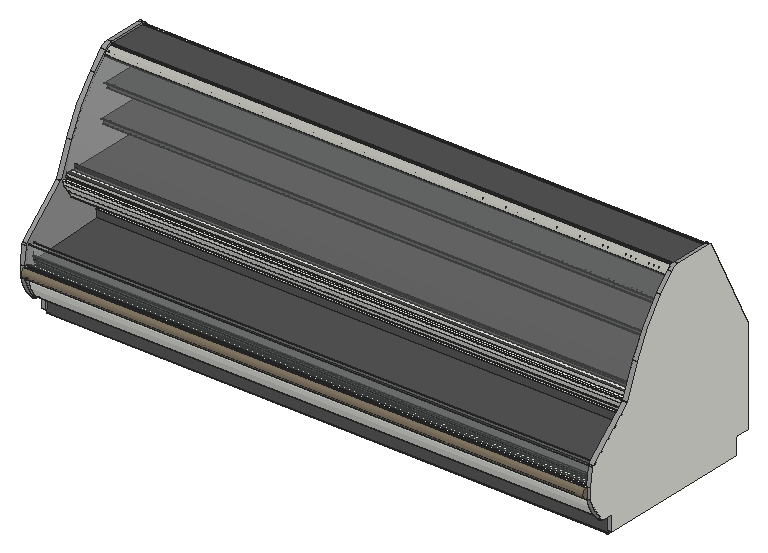
Revit family "CR3HV-ND_2014", category Specialty Equipment, Revit 2014
Parameters (values of type "12'-0" Length")
  Width = 144"
  Waste Drain = 1 1/2"  # constant formula
  Upper Drain = if(Width = 48", 32", if(Width = 60", 44", if(Width = 72", 44", if(Width = 96", 56", if(Width = 120", 56", if(Width = 144", 77", 0"))))))  # 77"
  URL = "www.hussmann.com"
  Type Comments = "Chino"  # constant formula
  Trim = Stainless Steel
  Total Weight = Case Weight + (2 * End Weight)  # 0.00 lbf
  Splashguard = Textured Sheet Metal (Steel Painted) - 701 Black
  Side Panel - Right [instance] = yes
  Side Panel - Left [instance] = yes
  Shelves = Sheet Metal (Steel Painted) - 701 Black
  Revit Family Date = "09/15/2016"  # constant formula
  Refrigeration Lines Suction = 5/8"  # constant formula
  Refrigeration Lines Liquid = 3/8"  # constant formula
  Refrig. Suction = "Suction"
  Refrig. Liquid = "Liquid"
  Number of Supports = if(Width < 70", 2, if(Width < 140", 3, 4))  # 4
  Note from Manufacturer = "This model only comes in 4'-0\", 5'-0\", 6'-0\", 8'-0\", 10'-0\" and 12'-0\" lengths."
  Model URL = "http://www.hussmann.com/en/product%20viewer/display-cases/R3HV-WD,%20CR3HV-WD,%20R3HV-ND,%20CR3HV-ND"
  Model = "CR3HV-ND"  # constant formula
  Manufacturer Disclaimer = "The information in this file is not intended to be an exact representation of the corresponding Hussmann product.  Further, we reserve the right to change or revise specifications and product design in connection with any feature of our products. Such changes do not entitle the buyer to corresponding changes, improvements, additions, or replacements for equipment previously sold or shipped."  # constant formula
  Manufacturer = "Hussmann Corporation"  # constant formula
  Lower Drain = if(Width = 48", 7", if(Width = 60", 41", if(Width = 72", 41", if(Width = 96", 53", if(Width = 120", 53", if(Width = 144", 65", 0"))))))  # 65"
  Height = 53 3/8"  # constant formula
  Glazing = Glass
  Ends = Textured Sheet Metal (Steel Painted) - 149 White Satin Matte
  End Weight = 0.00 lbf  # constant formula
  Door Frame = Plastic - 144 Mist Gray
  Description = "3 Zone – High Volume Service Deli Top, Multi-Deck, Self-Service Front Merchandiser with Refrigerated or Dry Rear Storage in a Narrow Footprint - Curved Glass"  # constant formula
  Depth = 50 1/8"  # constant formula
  Cutsheet URL = "http://www.hussmann.com/en/Technical%20Documents/R3HV-ND,%20CR3HV-ND,%20R3HV-NB,%20CR3HV-NB_ds_En.pdf"
  Case Weight = if(Width = 48", 0.00 lbf, if(Width = 60", 0.00 lbf, if(Width = 72", 0.00 lbf, if(Width = 96", 0.00 lbf, if(Width = 120", 0.00 lbf, if(Width = 144", 0.00 lbf, 0.00 lbf))))))  # 0.00 lbf
  Case Interior - Side Panel = Stainless Steel
  Case Interior - Back Panel = Stainless Steel
  Case = Textured Sheet Metal (Steel Painted) - 149 White Satin Matte
  Bumper = Extruded PVC - 747 Chocolate Brown
  Assembly Code = ""
  Accessories/Options = ""
  8 Case = Width = 96"  # no
  6 Case = Width = 72"  # no
  5 Case = Width = 60"  # no
  4 Case = Width = 48"  # no
  12 Case = Width = 144"  # yes
  10 Case = Width = 120"  # no
Reference planes (in)
  plane 1 "Back": y = 0
  plane 2 "Bottom": z = 0
  plane 3 "Left": x = -77.30699
  plane 4 "Center (Left/Right)": x = -5.30699
  plane 5: x = -78.43199
  plane 6 "Right": x = 66.69301
  plane 7: x = 67.81801
  plane 8: z = 53.375
  plane 9: y = -50.125
Forms (in)
  Extrusion 1, solid, material "Metal - Copper"
    sketch origin (63.0625, 1.04319, 0) x (1, 0, 0) y (0, 1, 0)
      loop
        arc (-76.49449, -38.91819) -> (-77.02482, -39.13786) -> (-77.24449, -39.66819) r 0.75
        arc (-77.24449, -39.66819) -> (-77.02482, -40.19852) -> (-76.49449, -40.41819) r 0.75
        arc (-76.49449, -40.41819) -> (-75.96416, -40.19852) -> (-75.74449, -39.66819) r 0.75
        arc (-75.74449, -39.66819) -> (-75.96416, -39.13786) -> (-76.49449, -38.91819) r 0.75
      loop
        circle (-76.49449, -39.66819) r 0.7102
    from 5.675 to 0
  Extrusion 2, solid, material "Metal - Copper"
    sketch origin (57.40105, 5, -0.375) x (1, 0, 0) y (0, 1, 0)
      loop
        circle (2.97946, -41.875) r 0.28859
      loop
        circle (2.97946, -41.875) r 0.3125
    from 6.05 to 0.375
  Extrusion 3, solid, material "Metal - Copper"
    sketch origin (59.82608, 5, -0.375) x (1, 0, 0) y (0, 1, 0)
      loop
        circle (1.05443, -41.875) r 0.17188
      loop
        circle (1.05443, -41.875) r 0.1875
    from 6.05 to 0.375
  Extrusion 4, solid, material "Textured Sheet Metal (Steel Painted) - 149 White Satin Matte" <- "Case"
    sketch origin (-5.30699, 0, 0) x (0, 1, 0) y (0, 0, 1)
      loop
        line (-27.1826, 17.87731) -> (-27.31642, 17.17228)
        arc (-27.31642, 17.17228) -> (-27.26191, 17.09584) -> (-27.18789, 17.1536) r 0.065
        line (-27.18789, 17.1536) -> (-27.14578, 17.56887) -> (-27.14578, 18.27754) -> (-27.029, 18.27754) -> (-27.029, 21.93829) -> (-24.5475, 21.93829) -> (-24.5475, 10.90154) -> (-25.374, 10.90154) -> (-25.374, 10.70195) -> (-24.56669, 10.70195) -> (-24.56669, 8.05985) -> (-25.32904, 7.2975) -> (-46.22715, 7.2975) -> (-46.22715, 12.60251) -> (-45.00115, 12.60251) -> (-45.00115, 12.36944) -> (-45.07987, 12.07564) -> (-45.01999, 12.0596) -> (-44.93915, 12.36127) -> (-44.93915, 12.583) -> (-44.87715, 12.583) -> (-44.87715, 12.928)
        arc (-44.87715, 12.928) -> (-44.9041, 12.99306) -> (-44.96915, 13.02) r 0.092
        line (-44.96915, 13.02) -> (-45.31415, 13.02) -> (-45.31415, 13.61641)
        arc (-45.31415, 13.61641) -> (-45.3411, 13.68146) -> (-45.40615, 13.70841) r 0.092
        line (-45.40615, 13.70841) -> (-46.34815, 13.70841)
        arc (-46.34815, 13.70841) -> (-46.41321, 13.68146) -> (-46.44015, 13.61641) r 0.092
        line (-46.44015, 13.61641) -> (-46.44015, 13.02) -> (-47.00604, 13.02) -> (-47.00604, 12.9154) -> (-48.26443, 12.9154) -> (-48.62803, 13.27901) -> (-48.62803, 13.6074) -> (-48.69053, 13.6074) -> (-48.69053, 12.803) -> (-49.17797, 12.803) -> (-49.17797, 13.89509)
        arc (-49.17797, 13.89509) -> (-49.20506, 13.96049) -> (-49.27047, 13.98759) r 0.0925
        line (-49.27047, 13.98759) -> (-49.98223, 13.98759)
        arc (-49.98223, 13.98759) -> (-50.04764, 13.96049) -> (-50.07473, 13.89509) r 0.0925
        line (-50.07473, 13.89509) -> (-50.07473, 11.27175)
        arc (-50.07473, 11.27175) -> (-50.04764, 11.20635) -> (-49.98223, 11.17925) r 0.0925
        line (-49.98223, 11.17925) -> (-49.81211, 11.17925) -> (-49.82731, 11.09304) -> (-49.57559, 11.04865) -> (-49.10032, 11.09813)
        arc (-49.10032, 11.09813) -> (-49.07839, 11.09166) -> (-49.06739, 11.07161) r 0.03
        arc (-49.06739, 11.07161) -> (-48.17345, 7.90625) -> (-46.3045, 5.19966) r 10.04
        arc (-46.3045, 5.19966) -> (-46.22252, 5.18405) -> (-46.18386, 5.25802) r 0.07
        line (-46.18386, 5.25802) -> (-46.24531, 5.646) -> (-43.26892, 5.646)
        arc (-43.26892, 5.646) -> (-43.23822, 5.65371) -> (-43.2148, 5.675) r 0.065
        line (-43.2148, 5.675) -> (-3.5823, 5.675) -> (-3.5823, 5.601) -> (-2.77138, 5.601)
        arc (-2.77138, 5.601) -> (-2.73158, 5.60892) -> (-2.69784, 5.63146) r 0.104
        line (-2.69784, 5.63146) -> (-2.00876, 6.32054)
        arc (-2.00876, 6.32054) -> (-1.98622, 6.35428) -> (-1.9783, 6.39408) r 0.104
        line (-1.9783, 6.39408) -> (-1.9783, 7.101) -> (-0.6263, 7.101) -> (-0.6263, 6.35068) -> (-0.75703, 5.60929)
        arc (-0.75703, 5.60929) -> (-0.74281, 5.55622) -> (-0.69302, 5.533) r 0.065
        line (-0.69302, 5.533) -> (-0.065, 5.533)
        arc (-0.065, 5.533) -> (-0.01904, 5.55204) -> (0, 5.598) r 0.065
        line (0, 5.598) -> (0, 7.237) -> (-24.349, 7.237) -> (-24.349, 21.443) -> (-19.49876, 21.443) -> (-19.49876, 22.047) -> (-3.18233, 22.047) -> (-3.18233, 21.413) -> (0.08431, 21.413) -> (0.1224, 21.49469) -> (0.1224, 28.00866) -> (0.15406, 28.37044) -> (0.15406, 29.79082) -> (-0.32751, 30.7172) -> (-4.23321, 28.68403)
        arc (-4.23321, 28.68403) -> (-4.25687, 28.65844) -> (-4.26931, 28.62588) r 0.092
        line (-4.26931, 28.62588) -> (-4.37446, 28.02954) -> (-4.16531, 28.02844) -> (-4.16531, 24.47755)
        arc (-4.16531, 24.47755) -> (-4.20145, 24.38919) -> (-4.28914, 24.35149) r 0.12608
        line (-4.28914, 24.35149) -> (-19.60325, 23.97039) -> (-22.09099, 23.97039) -> (-28.58473, 24.34442) -> (-34.88877, 27.98406) -> (-34.88877, 28.5985) -> (-34.76436, 28.5985) -> (-34.76436, 29.26754)
        arc (-34.76436, 29.26754) -> (-34.76931, 29.29241) -> (-34.7834, 29.3135) r 0.065
        line (-34.7834, 29.3135) -> (-35.03188, 29.56199)
        arc (-35.03188, 29.56199) -> (-35.05297, 29.57608) -> (-35.07784, 29.58103) r 0.065
        line (-35.07784, 29.58103) -> (-36.09924, 29.58103)
        arc (-36.09924, 29.58103) -> (-36.13296, 29.5716) -> (-36.15689, 29.54604) r 0.065
        line (-36.15689, 29.54604) -> (-36.9013, 28.11605) -> (-36.99688, 27.8604) -> (-37.77743, 28.23265) -> (-37.75858, 28.28092) -> (-37.97447, 28.36526)
        arc (-37.97447, 28.36526) -> (-38.04175, 28.3529) -> (-38.06071, 28.28717) r 0.065
        line (-38.06071, 28.28717) -> (-37.74359, 27.15607) -> (-36.57166, 25.39652)
        arc (-36.57166, 25.39652) -> (-36.53033, 25.36882) -> (-36.48153, 25.37846) r 0.065
        line (-36.48153, 25.37846) -> (-36.45469, 25.39633)
        arc (-36.45469, 25.39633) -> (-36.4796, 25.35697) -> (-36.47178, 25.31104) r 0.065
        line (-36.47178, 25.31104) -> (-36.37591, 25.14937) -> (-36.34021, 25.17054) -> (-35.44476, 23.68695) -> (-35.48542, 23.66348) -> (-35.3538, 23.43552)
        arc (-35.3538, 23.43552) -> (-35.31433, 23.40523) -> (-35.26501, 23.41172) r 0.065
        line (-35.26501, 23.41172) -> (-34.4293, 23.89422)
        arc (-34.4293, 23.89422) -> (-34.39901, 23.93369) -> (-34.4055, 23.98302) r 0.065
        line (-34.4055, 23.98302) -> (-34.50723, 24.15921)
        arc (-34.50723, 24.15921) -> (-34.51023, 24.18198) -> (-34.49625, 24.20019) r 0.03
        line (-34.49625, 24.20019) -> (-34.27987, 24.32512) -> (-33.40382, 24.32512) -> (-27.1826, 20.73329) -> (-27.1826, 17.87731)
      loop
        line (-12.89357, 50.52071) -> (-12.51681, 49.79697) -> (-10.81103, 50.68494)
        arc (-10.81103, 50.68494) -> (-10.76578, 50.73886) -> (-10.77188, 50.80898) r 0.092
        line (-10.77188, 50.80898) -> (-11.96005, 53.09465)
        arc (-11.96005, 53.09465) -> (-11.9711, 53.10645) -> (-11.98667, 53.11081) r 0.03
        line (-11.98667, 53.11081) -> (-12.34148, 53.11081)
        arc (-12.34148, 53.11081) -> (-12.40653, 53.08386) -> (-12.43348, 53.01881) r 0.092
        line (-12.43348, 53.01881) -> (-12.43348, 52.71607)
        arc (-12.43348, 52.71607) -> (-12.44226, 52.69485) -> (-12.46348, 52.68606) r 0.03
        line (-12.46348, 52.68606) -> (-21.91621, 52.68606) -> (-21.91621, 52.60732) -> (-22.38995, 52.60732)
        arc (-22.38995, 52.60732) -> (-22.4147, 52.59707) -> (-22.42495, 52.57232) r 0.035
        line (-22.42495, 52.57232) -> (-22.42495, 50.52071) -> (-12.89357, 50.52071)
    from 72 to -72
  Extrusion 5, solid, material "Sheet Metal (Steel Painted) - 701 Black" <- "Shelves"
    sketch origin (-5.30699, 0, 0) x (0, 1, 0) y (0, 0, 1)
      loop
        line (-47.21884, 14.13576) -> (-47.19718, 13.67127) -> (-26.471, 14.6379) -> (-26.471, 18.27754) -> (-27.14578, 18.27754) -> (-27.14578, 15.10701) -> (-47.22047, 14.17073)
        arc (-47.22047, 14.17073) -> (-47.24207, 14.17851) -> (-47.25184, 14.19929) r 0.03
        line (-47.25184, 14.19929) -> (-47.29703, 15.16824)
        arc (-47.29703, 15.16824) -> (-47.36499, 15.23014) -> (-47.42689, 15.16218) r 0.065
        line (-47.42689, 15.16218) -> (-47.41091, 14.81956) -> (-47.31601, 14.82398) -> (-47.2868, 14.19766)
        arc (-47.2868, 14.19766) -> (-47.26564, 14.15264) -> (-47.21884, 14.13576) r 0.065
    from 72 to -72
  Extrusion 6, solid, material "Glass" <- "Glazing"
    sketch origin (-5.30699, 1, 0) x (0, 1, 0) y (0, 0, 1)
      loop
        line (-50.17797, 18.38112) -> (-50.17797, 12.803) -> (-49.69053, 12.803) -> (-49.69053, 18.30285)
        arc (-49.69053, 18.30285) -> (-49.9009, 18.54968) -> (-50.17797, 18.38112) r 0.25
    from 72 to -72
  Extrusion 7, solid, material "Extruded PVC - 747 Chocolate Brown" <- "Bumper"
    sketch origin (-5.30699, 1, 0) x (0, 1, 0) y (0, 0, 1)
      loop
        arc (-51.07473, 13.65826) -> (-52.08811, 12.40533) -> (-51.07473, 11.15239) r 1.28125
        line (-51.07473, 11.15239) -> (-51.07473, 13.65826)
    from 72 to -72
  Extrusion 8, solid, material "Sheet Metal (Steel Painted) - 701 Black" <- "Shelves"
    sketch origin (-5.30699, 0, 0) x (0, 1, 0) y (0, 0, 1)
      loop
        line (-12.52617, 53.00725) -> (-22.19781, 53.00725) -> (-22.23718, 52.96788) -> (-22.23718, 52.73166) -> (-22.19781, 52.69229) -> (-12.52617, 52.69229) -> (-12.4868, 52.73166) -> (-12.4868, 52.96788) -> (-12.52617, 53.00725)
    from 72 to -72
  Extrusion 9, solid, material "Plastic - 144 Mist Gray" <- "Door Frame"
    sketch origin (-5.30699, 0, 0) x (0, 1, 0) y (0, 0, 1)
      loop
        line (-36.92732, 29.57564) -> (-37.06623, 28.87018)
        arc (-37.06623, 28.87018) -> (-37.05689, 28.82366) -> (-37.01738, 28.79737) r 0.062
        line (-37.01738, 28.79737) -> (-36.77378, 28.75103)
        arc (-36.77378, 28.75103) -> (-36.72771, 28.76041) -> (-36.70147, 28.79943) r 0.062
        line (-36.70147, 28.79943) -> (-36.69457, 28.83289)
        arc (-36.69457, 28.83289) -> (-36.66817, 28.87201) -> (-36.62187, 28.88121) r 0.062
        line (-36.62187, 28.88121) -> (-36.54824, 28.86671)
        arc (-36.54824, 28.86671) -> (-36.50426, 28.92949) -> (-36.53738, 28.99862) r 0.07595
        line (-36.53738, 28.99862) -> (-36.52644, 29.05476) -> (-36.44131, 28.99969) -> (-36.32886, 29.2157) -> (-36.46264, 29.35437)
        arc (-36.46264, 29.35437) -> (-36.41111, 29.40715) -> (-36.42801, 29.47895) r 0.07661
        line (-36.42801, 29.47895) -> (-36.59196, 29.51024)
        arc (-36.59196, 29.51024) -> (-36.61081, 29.50803) -> (-36.62484, 29.49524) r 0.031
        arc (-36.62484, 29.49524) -> (-36.6943, 29.15293) -> (-36.76083, 28.81004) r 40.93215
        line (-36.76083, 28.81004) -> (-37.00612, 28.85835)
        arc (-37.00612, 28.85835) -> (-36.9376, 29.21126) -> (-36.86599, 29.56356) r 41.18215
        line (-36.86599, 29.56356) -> (-36.92732, 29.57564)
      loop
        arc (-24.49589, 51.30631) -> (-24.49519, 51.27037) -> (-24.4656, 51.24998) r 0.03937
        line (-24.4656, 51.24998) -> (-23.87157, 51.75643) -> (-23.75654, 51.85668)
        arc (-23.75654, 51.85668) -> (-23.69873, 51.87583) -> (-23.64456, 51.84802) r 0.07874
        line (-23.64456, 51.84802) -> (-23.57653, 51.76717) -> (-23.70333, 51.74929) -> (-23.74572, 51.626) -> (-23.68287, 51.55377)
        arc (-23.68287, 51.55377) -> (-23.67332, 51.52485) -> (-23.68724, 51.49778) r 0.03937
        line (-23.68724, 51.49778) -> (-23.8053, 51.39862) -> (-24.25897, 51.01794)
        arc (-24.25897, 51.01794) -> (-24.2797, 50.9771) -> (-24.26538, 50.93372) r 0.05906
        line (-24.26538, 50.93372) -> (-24.18853, 50.8454)
        arc (-24.18853, 50.8454) -> (-24.17504, 50.83869) -> (-24.16076, 50.84348) r 0.01969
        line (-24.16076, 50.84348) -> (-24.03012, 50.95715) -> (-23.59384, 50.45576)
        arc (-23.59384, 50.45576) -> (-23.49595, 50.38023) -> (-23.37652, 50.3482) r 0.31496
        line (-23.37652, 50.3482) -> (-22.67529, 50.30297)
        arc (-22.67529, 50.30297) -> (-21.89877, 50.33284) -> (-21.14473, 50.52071) r 3.78388
        line (-21.14473, 50.52071) -> (-22.42802, 50.52071) -> (-22.42802, 52.60732) -> (-21.93589, 52.60732)
        arc (-21.93589, 52.60732) -> (-21.92198, 52.61309) -> (-21.91621, 52.62701) r 0.01969
        line (-21.91621, 52.62701) -> (-21.91621, 52.66638)
        arc (-21.91621, 52.66638) -> (-21.92198, 52.6803) -> (-21.93589, 52.68606) r 0.01969
        line (-21.93589, 52.68606) -> (-22.42802, 52.68606) -> (-22.42802, 52.95772)
        arc (-22.42802, 52.95772) -> (-22.43379, 52.97164) -> (-22.44771, 52.9774) r 0.01969
        line (-22.44771, 52.9774) -> (-22.52777, 52.9774)
        arc (-22.52777, 52.9774) -> (-22.69983, 52.749) -> (-22.78558, 52.47621) r 0.84252
        arc (-22.78558, 52.47621) -> (-22.79308, 52.41138) -> (-22.79773, 52.34627) r 1.49024
        line (-22.79773, 52.34627) -> (-22.87485, 52.34627)
        arc (-22.87485, 52.34627) -> (-22.85018, 52.54905) -> (-22.78162, 52.74146) r 0.9252
        arc (-22.78162, 52.74146) -> (-22.7842, 52.76268) -> (-22.8046, 52.76904) r 0.01969
        arc (-22.8046, 52.76904) -> (-23.81437, 52.22744) -> (-24.49589, 51.30631) r 2.61654
    from 72 to -72
  Extrusion 10, solid, material "Textured Sheet Metal (Steel Painted) - 701 Black" <- "Splashguard"
    sketch origin (-5.30699, 0, 0) x (0, 1, 0) y (0, 0, 1)
      loop
        line (-3.8923, 5.55568) -> (-3.8923, 0.52555) -> (-3.55453, 0.12301) -> (-3.17268, 0.05568) -> (-3.1666, 0.09015) -> (-3.53591, 0.15526) -> (-3.8573, 0.53829) -> (-3.8573, 5.55568) -> (-3.8923, 5.55568)
      loop
        line (-42.9898, 5.28125) -> (-42.9898, 0.125)
        arc (-42.9898, 0.125) -> (-42.95319, 0.03661) -> (-42.8648, 0) r 0.125
        line (-42.8648, 0) -> (-42.58355, 0) -> (-42.58355, 5.40625) -> (-42.8648, 5.40625)
        arc (-42.8648, 5.40625) -> (-42.95319, 5.36964) -> (-42.9898, 5.28125) r 0.125
    from 72 to -72
  Extrusion 11, solid, material "Sheet Metal (Steel Painted) - 701 Black" <- "Shelves"
    sketch origin (-5.30699, 0, 0) x (0, 1, 0) y (0, 0, 1)
      loop
        line (-34.74673, 28.62336) -> (-4.34975, 28.62336) -> (-2.2516, 29.69557)
        arc (-2.2516, 29.69557) -> (-2.23368, 29.73433) -> (-2.23597, 29.77696) r 0.08858
        line (-2.23597, 29.77696) -> (-3.06354, 31.3667)
        arc (-3.06354, 31.3667) -> (-3.14275, 31.40939) -> (-3.22418, 31.37109) r 0.09995
        line (-3.22418, 31.37109) -> (-5.64238, 30.00664)
        arc (-5.64238, 30.00664) -> (-5.66874, 29.97934) -> (-5.67537, 29.94198) r 0.065
        line (-5.67537, 29.94198) -> (-5.67537, 29.63705)
        arc (-5.67537, 29.63705) -> (-5.68412, 29.61583) -> (-5.70532, 29.60701) r 0.03
        line (-5.70532, 29.60701) -> (-34.10198, 29.60701) -> (-34.10198, 30.31513)
        arc (-34.10198, 30.31513) -> (-34.16991, 30.37996) -> (-34.23172, 30.30927) r 0.065
        line (-34.23172, 30.30927) -> (-34.20406, 29.9985) -> (-34.1692, 30.0016) -> (-34.19686, 30.31237)
        arc (-34.19686, 30.31237) -> (-34.16833, 30.345) -> (-34.13698, 30.31508) r 0.03
        line (-34.13698, 30.31508) -> (-34.13589, 29.59508)
        arc (-34.13589, 29.59508) -> (-34.12412, 29.55786) -> (-34.09315, 29.5341) r 0.065
        line (-34.09315, 29.5341) -> (-34.74673, 28.62336)
    from 72 to -72
  Extrusion 12, solid, material "Glass" <- "Glazing"
    sketch origin (-5.30699, 0, 0) x (0, 1, 0) y (0, 0, 1)
      loop
        arc (-23.88271, 51.70925) -> (-32.36567, 41.38765) -> (-37.0013, 28.8574) r 40.236
        line (-37.0013, 28.8574) -> (-36.76974, 28.8118)
        arc (-36.76974, 28.8118) -> (-32.16141, 41.26945) -> (-23.72779, 51.53121) r 40
        line (-23.72779, 51.53121) -> (-23.88271, 51.70925)
    from 72 to -72
  Extrusion 13, solid, material "Metal - Copper"
    sketch origin (-56.6875, 24.04319, 0) x (1, 0, 0) y (0, 1, 0)
      loop
        arc (56.38051, -40.66819) -> (55.85018, -40.88786) -> (55.63051, -41.41819) r 0.75
        arc (55.63051, -41.41819) -> (55.85018, -41.94852) -> (56.38051, -42.16819) r 0.75
        arc (56.38051, -42.16819) -> (56.91084, -41.94852) -> (57.13051, -41.41819) r 0.75
        arc (57.13051, -41.41819) -> (56.91084, -40.88786) -> (56.38051, -40.66819) r 0.75
      loop
        circle (56.38051, -41.41819) r 0.7102
    from 5.675 to 0
  Extrusion 14, solid, material "Glass" <- "Glazing"
    sketch origin (-5.30699, 1, 0) x (0, 1, 0) y (0, 0, 1)
      loop
        arc (-48.18748, 18.1564) -> (-48.30849, 18.29388) -> (-48.43671, 18.1631) r 0.125
        line (-48.43671, 18.1631) -> (-48.25184, 14.19929) -> (-47.99603, 14.22885) -> (-48.18748, 18.1564)
    from 72 to -72
  Extrusion 15, solid, material "Stainless Steel" <- "Case Interior - Back Panel", visible <- "12 Case"
    sketch origin (-77.30699, 0, 0) x (0, 1, 0) y (0, 0, 1)
      loop
        line (-2.856, 29.40095) -> (-0.33654, 30.7125) -> (-10.64804, 50.52071) -> (-13.85025, 50.52071) -> (-2.856, 29.40095)
    from 144 to 143.5
  Extrusion 16, solid, material "Stainless Steel" <- "Case Interior - Back Panel", visible <- "12 Case"
    sketch origin (-77.30699, 0, 0) x (0, 1, 0) y (0, 0, 1)
      loop
        line (-2.856, 29.40095) -> (-0.33654, 30.7125) -> (-10.64804, 50.52071) -> (-13.85025, 50.52071) -> (-2.856, 29.40095)
    from 96.5 to 95.5
  Extrusion 17, solid, material "Stainless Steel" <- "Case Interior - Back Panel", visible <- "12 Case"
    sketch origin (-77.30699, 0, 0) x (0, 1, 0) y (0, 0, 1)
      loop
        line (-2.856, 29.40095) -> (-0.33654, 30.7125) -> (-10.64804, 50.52071) -> (-13.85025, 50.52071) -> (-2.856, 29.40095)
    from 48.5 to 47.5
  Extrusion 18, solid, material "Stainless Steel" <- "Case Interior - Back Panel", visible <- "12 Case"
    sketch origin (-77.30699, 0, 0) x (0, 1, 0) y (0, 0, 1)
      loop
        line (-2.856, 29.40095) -> (-0.33654, 30.7125) -> (-10.64804, 50.52071) -> (-13.85025, 50.52071) -> (-2.856, 29.40095)
    from 0.5 to 0
  Extrusion 19, solid, material "Stainless Steel" <- "Case Interior - Back Panel", visible <- "12 Case", not visible
    sketch origin (-77.30699, 0, 0) x (0, 1, 0) y (0, 0, 1)
      loop
        line (-2.856, 29.40095) -> (-0.33654, 30.7125) -> (-10.64804, 50.52071) -> (-13.85025, 50.52071) -> (-2.856, 29.40095)
    from 144 to 143.5
  Extrusion 20, solid, material "Stainless Steel" <- "Case Interior - Back Panel", visible <- "12 Case", not visible
    sketch origin (-77.30699, 0, 0) x (0, 1, 0) y (0, 0, 1)
      loop
        line (-2.856, 29.40095) -> (-0.33654, 30.7125) -> (-10.64804, 50.52071) -> (-13.85025, 50.52071) -> (-2.856, 29.40095)
    from 96.5 to 95.5
  Extrusion 21, solid, material "Stainless Steel" <- "Case Interior - Back Panel", visible <- "12 Case", not visible
    sketch origin (-77.30699, 0, 0) x (0, 1, 0) y (0, 0, 1)
      loop
        line (-2.856, 29.40095) -> (-0.33654, 30.7125) -> (-10.64804, 50.52071) -> (-13.85025, 50.52071) -> (-2.856, 29.40095)
    from 48.5 to 47.5
  Extrusion 22, solid, material "Stainless Steel" <- "Case Interior - Back Panel", visible <- "12 Case", not visible
    sketch origin (-77.30699, 0, 0) x (0, 1, 0) y (0, 0, 1)
      loop
        line (-2.856, 29.40095) -> (-0.33654, 30.7125) -> (-10.64804, 50.52071) -> (-13.85025, 50.52071) -> (-2.856, 29.40095)
    from 0.5 to 0
  Extrusion 23, solid, material "Stainless Steel" <- "Case Interior - Back Panel", visible <- "10 Case"
    sketch origin (-77.30699, 0, 0) x (0, 1, 0) y (0, 0, 1)
      loop
        line (-2.856, 29.40095) -> (-0.33654, 30.7125) -> (-10.64804, 50.52071) -> (-13.85025, 50.52071) -> (-2.856, 29.40095)
    from 120 to 119.5
  Extrusion 24, solid, material "Stainless Steel" <- "Case Interior - Back Panel", visible <- "10 Case"
    sketch origin (-77.30699, 0, 0) x (0, 1, 0) y (0, 0, 1)
      loop
        line (-2.856, 29.40095) -> (-0.33654, 30.7125) -> (-10.64804, 50.52071) -> (-13.85025, 50.52071) -> (-2.856, 29.40095)
    from 60.5 to 59.5
  Extrusion 25, solid, material "Stainless Steel" <- "Case Interior - Back Panel", visible <- "10 Case"
    sketch origin (-77.30699, 0, 0) x (0, 1, 0) y (0, 0, 1)
      loop
        line (-2.856, 29.40095) -> (-0.33654, 30.7125) -> (-10.64804, 50.52071) -> (-13.85025, 50.52071) -> (-2.856, 29.40095)
    from 0.5 to 0
  Extrusion 26, solid, material "Stainless Steel" <- "Case Interior - Back Panel", visible <- "10 Case", not visible
    sketch origin (-170.99499, 0, 0) x (0, 1, 0) y (0, 0, 1)
      loop
        line (-2.856, 29.40095) -> (-0.33654, 30.7125) -> (-10.64804, 50.52071) -> (-13.85025, 50.52071) -> (-2.856, 29.40095)
    from 120 to 119.5
  Extrusion 27, solid, material "Stainless Steel" <- "Case Interior - Back Panel", visible <- "10 Case", not visible
    sketch origin (-170.99499, 0, 0) x (0, 1, 0) y (0, 0, 1)
      loop
        line (-2.856, 29.40095) -> (-0.33654, 30.7125) -> (-10.64804, 50.52071) -> (-13.85025, 50.52071) -> (-2.856, 29.40095)
    from 60.5 to 59.5
  Extrusion 28, solid, material "Stainless Steel" <- "Case Interior - Back Panel", visible <- "10 Case", not visible
    sketch origin (-170.99499, 0, 0) x (0, 1, 0) y (0, 0, 1)
      loop
        line (-2.856, 29.40095) -> (-0.33654, 30.7125) -> (-10.64804, 50.52071) -> (-13.85025, 50.52071) -> (-2.856, 29.40095)
    from 0.5 to 0
  Extrusion 29, solid, material "Stainless Steel" <- "Case Interior - Back Panel", visible <- "8 Case"
    sketch origin (-77.30699, 0, 0) x (0, 1, 0) y (0, 0, 1)
      loop
        line (-2.856, 29.40095) -> (-0.33654, 30.7125) -> (-10.64804, 50.52071) -> (-13.85025, 50.52071) -> (-2.856, 29.40095)
    from 96 to 95.5
  Extrusion 30, solid, material "Stainless Steel" <- "Case Interior - Back Panel", visible <- "8 Case"
    sketch origin (-77.30699, 0, 0) x (0, 1, 0) y (0, 0, 1)
      loop
        line (-2.856, 29.40095) -> (-0.33654, 30.7125) -> (-10.64804, 50.52071) -> (-13.85025, 50.52071) -> (-2.856, 29.40095)
    from 48.5 to 47.5
  Extrusion 31, solid, material "Stainless Steel" <- "Case Interior - Back Panel", visible <- "8 Case"
    sketch origin (-77.30699, 0, 0) x (0, 1, 0) y (0, 0, 1)
      loop
        line (-2.856, 29.40095) -> (-0.33654, 30.7125) -> (-10.64804, 50.52071) -> (-13.85025, 50.52071) -> (-2.856, 29.40095)
    from 0.5 to 0
  Extrusion 32, solid, material "Stainless Steel" <- "Case Interior - Back Panel", visible <- "8 Case", not visible
    sketch origin (-77.30699, 0, 0) x (0, 1, 0) y (0, 0, 1)
      loop
        line (-2.856, 29.40095) -> (-0.33654, 30.7125) -> (-10.64804, 50.52071) -> (-13.85025, 50.52071) -> (-2.856, 29.40095)
    from 96 to 95.5
  Extrusion 33, solid, material "Stainless Steel" <- "Case Interior - Back Panel", visible <- "8 Case", not visible
    sketch origin (-77.30699, 0, 0) x (0, 1, 0) y (0, 0, 1)
      loop
        line (-2.856, 29.40095) -> (-0.33654, 30.7125) -> (-10.64804, 50.52071) -> (-13.85025, 50.52071) -> (-2.856, 29.40095)
    from 48.5 to 47.5
  Extrusion 34, solid, material "Stainless Steel" <- "Case Interior - Back Panel", visible <- "8 Case", not visible
    sketch origin (-77.30699, 0, 0) x (0, 1, 0) y (0, 0, 1)
      loop
        line (-2.856, 29.40095) -> (-0.33654, 30.7125) -> (-10.64804, 50.52071) -> (-13.85025, 50.52071) -> (-2.856, 29.40095)
    from 0.5 to 0
  Extrusion 35, solid, material "Stainless Steel" <- "Case Interior - Back Panel", visible <- "6 Case"
    sketch origin (-77.30699, 0, 0) x (0, 1, 0) y (0, 0, 1)
      loop
        line (-2.856, 29.40095) -> (-0.33654, 30.7125) -> (-10.64804, 50.52071) -> (-13.85025, 50.52071) -> (-2.856, 29.40095)
    from 72 to 71.5
  Extrusion 36, solid, material "Stainless Steel" <- "Case Interior - Back Panel", visible <- "6 Case"
    sketch origin (-77.30699, 0, 0) x (0, 1, 0) y (0, 0, 1)
      loop
        line (-2.856, 29.40095) -> (-0.33654, 30.7125) -> (-10.64804, 50.52071) -> (-13.85025, 50.52071) -> (-2.856, 29.40095)
    from 0.5 to 0
  Extrusion 37, solid, material "Stainless Steel" <- "Case Interior - Back Panel", visible <- "6 Case", not visible
    sketch origin (-72.99499, 10.38492, -11.25191) x (0, 1, 0) y (0, 0, 1)
      loop
        line (-2.856, 29.40095) -> (-0.33654, 30.7125) -> (-10.64804, 50.52071) -> (-13.85025, 50.52071) -> (-2.856, 29.40095)
    from 72 to 71.5
  Extrusion 38, solid, material "Stainless Steel" <- "Case Interior - Back Panel", visible <- "6 Case", not visible
    sketch origin (-72.99499, 10.38492, -11.25191) x (0, 1, 0) y (0, 0, 1)
      loop
        line (-2.856, 29.40095) -> (-0.33654, 30.7125) -> (-10.64804, 50.52071) -> (-13.85025, 50.52071) -> (-2.856, 29.40095)
    from 0.5 to 0
  Extrusion 39, solid, material "Stainless Steel" <- "Case Interior - Back Panel", visible <- "5 Case"
    sketch origin (-77.30699, 0, 0) x (0, 1, 0) y (0, 0, 1)
      loop
        line (-2.856, 29.40095) -> (-0.33654, 30.7125) -> (-10.64804, 50.52071) -> (-13.85025, 50.52071) -> (-2.856, 29.40095)
    from 60 to 59.5
  Extrusion 40, solid, material "Stainless Steel" <- "Case Interior - Back Panel", visible <- "5 Case"
    sketch origin (-77.30699, 0, 0) x (0, 1, 0) y (0, 0, 1)
      loop
        line (-2.856, 29.40095) -> (-0.33654, 30.7125) -> (-10.64804, 50.52071) -> (-13.85025, 50.52071) -> (-2.856, 29.40095)
    from 0.5 to 0
  Extrusion 41, solid, material "Stainless Steel" <- "Case Interior - Back Panel", visible <- "5 Case", not visible
    sketch origin (-170.99499, 0, 0) x (0, 1, 0) y (0, 0, 1)
      loop
        line (-2.856, 29.40095) -> (-0.33654, 30.7125) -> (-10.64804, 50.52071) -> (-13.85025, 50.52071) -> (-2.856, 29.40095)
    from 60 to 59.5
  Extrusion 42, solid, material "Stainless Steel" <- "Case Interior - Back Panel", visible <- "5 Case", not visible
    sketch origin (-170.99499, 0, 0) x (0, 1, 0) y (0, 0, 1)
      loop
        line (-2.856, 29.40095) -> (-0.33654, 30.7125) -> (-10.64804, 50.52071) -> (-13.85025, 50.52071) -> (-2.856, 29.40095)
    from 0.5 to 0
  Extrusion 43, solid, material "Stainless Steel" <- "Case Interior - Back Panel", visible <- "4 Case"
    sketch origin (-77.30699, 0, 0) x (0, 1, 0) y (0, 0, 1)
      loop
        line (-2.856, 29.40095) -> (-0.33654, 30.7125) -> (-10.64804, 50.52071) -> (-13.85025, 50.52071) -> (-2.856, 29.40095)
    from 48 to 47.5
  Extrusion 44, solid, material "Stainless Steel" <- "Case Interior - Back Panel", visible <- "4 Case"
    sketch origin (-77.30699, 0, 0) x (0, 1, 0) y (0, 0, 1)
      loop
        line (-2.856, 29.40095) -> (-0.33654, 30.7125) -> (-10.64804, 50.52071) -> (-13.85025, 50.52071) -> (-2.856, 29.40095)
    from 0.5 to 0
  Extrusion 45, solid, material "Stainless Steel" <- "Case Interior - Back Panel", visible <- "4 Case", not visible
    sketch origin (-77.30699, 0, 0) x (0, 1, 0) y (0, 0, 1)
      loop
        line (-2.856, 29.40095) -> (-0.33654, 30.7125) -> (-10.64804, 50.52071) -> (-13.85025, 50.52071) -> (-2.856, 29.40095)
    from 48 to 47.5
  Extrusion 46, solid, material "Stainless Steel" <- "Case Interior - Back Panel", visible <- "4 Case", not visible
    sketch origin (-77.30699, 0, 0) x (0, 1, 0) y (0, 0, 1)
      loop
        line (-2.856, 29.40095) -> (-0.33654, 30.7125) -> (-10.64804, 50.52071) -> (-13.85025, 50.52071) -> (-2.856, 29.40095)
    from 0.5 to 0
  Extrusion 47, solid, material "Sheet Metal (Steel Painted) - 701 Black" <- "Shelves"
    sketch origin (-5.30699, 0, 0) x (0, 1, 0) y (0, 0, 1)
      loop
        line (-24.58422, 44.98929) -> (-24.61547, 44.95804) -> (-24.61547, 44.77054) -> (-24.58422, 44.73929) -> (-14.64672, 44.73929) -> (-14.61547, 44.77054) -> (-14.61547, 44.95804) -> (-14.64672, 44.98929) -> (-24.58422, 44.98929)
      loop
        line (-23.87297, 44.57252) -> (-23.87297, 43.36151)
        arc (-23.87297, 43.36151) -> (-23.81546, 43.30657) -> (-23.7632, 43.36651) r 0.055
        line (-23.7632, 43.36651) -> (-23.79164, 43.67772) -> (-23.83789, 43.67349) -> (-23.83789, 44.57252) -> (-21.83797, 44.57252)
        arc (-21.83797, 44.57252) -> (-21.86272, 44.56192) -> (-21.87297, 44.53717) r 0.035
        line (-21.87297, 44.53717) -> (-21.87297, 43.16252)
        arc (-21.87297, 43.16252) -> (-21.86272, 43.13777) -> (-21.83797, 43.12752) r 0.035
        line (-21.83797, 43.12752) -> (-21.33797, 43.12752) -> (-21.33797, 43.16252)
        arc (-21.33797, 43.16252) -> (-21.31322, 43.17277) -> (-21.30297, 43.19752) r 0.035
        line (-21.30297, 43.19752) -> (-21.30297, 44.57252)
        arc (-21.30297, 44.57252) -> (-21.31322, 44.59727) -> (-21.33797, 44.60752) r 0.035
        line (-21.33797, 44.60752) -> (-23.83797, 44.60752)
        arc (-23.83797, 44.60752) -> (-23.86272, 44.59727) -> (-23.87297, 44.57252) r 0.035
    from -72 to 72
  Extrusion 48, solid, material "Sheet Metal (Steel Painted) - 701 Black" <- "Shelves"
    sketch origin (-5.30699, -1.11038, -7.77814) x (0, 1, 0) y (0, 0, 1)
      loop
        line (-24.58422, 44.98929) -> (-24.61547, 44.95804) -> (-24.61547, 44.77054) -> (-24.58422, 44.73929) -> (-12.64672, 44.73929) -> (-12.61547, 44.77054) -> (-12.61547, 44.95804) -> (-12.64672, 44.98929) -> (-24.58422, 44.98929)
      loop
        line (-23.87297, 44.57252) -> (-23.87297, 43.36151)
        arc (-23.87297, 43.36151) -> (-23.81546, 43.30657) -> (-23.7632, 43.36651) r 0.055
        line (-23.7632, 43.36651) -> (-23.79164, 43.67772) -> (-23.83789, 43.67349) -> (-23.83789, 44.57252) -> (-21.83797, 44.57252)
        arc (-21.83797, 44.57252) -> (-21.86272, 44.56192) -> (-21.87297, 44.53717) r 0.035
        line (-21.87297, 44.53717) -> (-21.87297, 43.16252)
        arc (-21.87297, 43.16252) -> (-21.86272, 43.13777) -> (-21.83797, 43.12752) r 0.035
        line (-21.83797, 43.12752) -> (-21.33797, 43.12752) -> (-21.33797, 43.16252)
        arc (-21.33797, 43.16252) -> (-21.31322, 43.17277) -> (-21.30297, 43.19752) r 0.035
        line (-21.30297, 43.19752) -> (-21.30297, 44.57252)
        arc (-21.30297, 44.57252) -> (-21.31322, 44.59727) -> (-21.33797, 44.60752) r 0.035
        line (-21.33797, 44.60752) -> (-23.83797, 44.60752)
        arc (-23.83797, 44.60752) -> (-23.86272, 44.59727) -> (-23.87297, 44.57252) r 0.035
    from -72 to 72
  Extrusion 49, solid, material "Textured Sheet Metal (Steel Painted) - 149 White Satin Matte" <- "Ends", visible <- "Side Panel - Left"
    sketch origin (-77.30699, 0, 0) x (0, 1, 0) y (0, 0, 1)
      loop
        line (-38.33755, 28.35901) -> (-49.2609, 18.68627)
        arc (-49.2609, 18.68627) -> (-49.3798, 18.53827) -> (-49.44278, 18.35917) r 0.56339
        arc (-49.44278, 18.35917) -> (-49.86021, 16.15259) -> (-50.04893, 13.91481) r 21.84791
        line (-50.04893, 13.91481) -> (-50.04893, 10.97235)
        arc (-50.04893, 10.97235) -> (-48.59617, 7.80418) -> (-46.48735, 5.02917) r 15.88278
        arc (-46.48735, 5.02917) -> (-46.37777, 4.9524) -> (-46.24638, 4.92714) r 0.32
        line (-46.24638, 4.92714) -> (-43.4898, 4.92714)
        arc (-43.4898, 4.92714) -> (-43.31302, 4.85391) -> (-43.2398, 4.67714) r 0.25
        line (-43.2398, 4.67714) -> (-43.2398, 0.8752) -> (-3.6073, 0.8752) -> (-3.6073, 4.976)
        arc (-3.6073, 4.976) -> (-3.49747, 5.24117) -> (-3.2323, 5.351) r 0.375
        line (-3.2323, 5.351) -> (0.14187, 5.351)
        arc (0.14187, 5.351) -> (0.31864, 5.42422) -> (0.39187, 5.601) r 0.25
        line (0.39187, 5.601) -> (0.39187, 29.74245)
        arc (0.39187, 29.74245) -> (0.38472, 29.80181) -> (0.36369, 29.85776) r 0.25
        line (0.36369, 29.85776) -> (-11.72326, 53.10935)
        arc (-11.72326, 53.10935) -> (-11.81533, 53.20773) -> (-11.94508, 53.24404) r 0.25
        line (-11.94508, 53.24404) -> (-21.90921, 53.24404)
        arc (-21.90921, 53.24404) -> (-23.13326, 52.98296) -> (-24.14427, 52.24517) r 3
        line (-24.14427, 52.24517) -> (-27.53984, 48.45266)
        arc (-27.53984, 48.45266) -> (-31.84071, 42.73923) -> (-35.06923, 36.35821) r 40.486
        line (-35.06923, 36.35821) -> (-38.26395, 28.47425)
        arc (-38.26395, 28.47425) -> (-38.29545, 28.41324) -> (-38.33755, 28.35901) r 0.375
    from -1.125 to 0
  Extrusion 50, solid, material "Textured Sheet Metal (Steel Painted) - 149 White Satin Matte" <- "Ends", visible <- "Side Panel - Right"
    sketch origin (-77.30699, 0, 0) x (0, 1, 0) y (0, 0, 1)
      loop
        line (-38.33755, 28.35901) -> (-49.2609, 18.68627)
        arc (-49.2609, 18.68627) -> (-49.3798, 18.53827) -> (-49.44278, 18.35917) r 0.56339
        arc (-49.44278, 18.35917) -> (-49.86021, 16.15259) -> (-50.04893, 13.91481) r 21.84791
        line (-50.04893, 13.91481) -> (-50.04893, 10.97235)
        arc (-50.04893, 10.97235) -> (-48.59617, 7.80418) -> (-46.48735, 5.02917) r 15.88278
        arc (-46.48735, 5.02917) -> (-46.37777, 4.9524) -> (-46.24638, 4.92714) r 0.32
        line (-46.24638, 4.92714) -> (-43.4898, 4.92714)
        arc (-43.4898, 4.92714) -> (-43.31302, 4.85391) -> (-43.2398, 4.67714) r 0.25
        line (-43.2398, 4.67714) -> (-43.2398, 0.8752) -> (-3.6073, 0.8752) -> (-3.6073, 4.976)
        arc (-3.6073, 4.976) -> (-3.49747, 5.24117) -> (-3.2323, 5.351) r 0.375
        line (-3.2323, 5.351) -> (0.14187, 5.351)
        arc (0.14187, 5.351) -> (0.31864, 5.42422) -> (0.39187, 5.601) r 0.25
        line (0.39187, 5.601) -> (0.39187, 29.74245)
        arc (0.39187, 29.74245) -> (0.38472, 29.80181) -> (0.36369, 29.85776) r 0.25
        line (0.36369, 29.85776) -> (-11.72326, 53.10935)
        arc (-11.72326, 53.10935) -> (-11.81533, 53.20773) -> (-11.94508, 53.24404) r 0.25
        line (-11.94508, 53.24404) -> (-21.90921, 53.24404)
        arc (-21.90921, 53.24404) -> (-23.13326, 52.98296) -> (-24.14427, 52.24517) r 3
        line (-24.14427, 52.24517) -> (-27.53984, 48.45266)
        arc (-27.53984, 48.45266) -> (-31.84071, 42.73923) -> (-35.06923, 36.35821) r 40.486
        line (-35.06923, 36.35821) -> (-38.26395, 28.47425)
        arc (-38.26395, 28.47425) -> (-38.29545, 28.41324) -> (-38.33755, 28.35901) r 0.375
    from 145.125 to 144
Lines and regions (in)
  reference lines
    curve 1: line (-75.99499, -51.125, 0) -> (-75.99499, 0, 0)
    curve 2: line (-0.30699, -51.125, 0) -> (-0.30699, 0, 0)
    curve 3: line (-13.43199, -51.125, 0) -> (-13.43199, 0, 0)
    curve 4: line (65.38051, -51.125, 0) -> (65.38051, 0, 0)
    curve 5: line (60.69301, -51.125, 0) -> (60.69301, 0, 0)
    curve 6: line (-77.30699, -38.625, 0) -> (66.69301, -38.625, 0)
    curve 7: line (66.69301, -36.875, 0) -> (-77.30699, -36.875, 0)
    curve 8: line (-77.30699, -17.375, 0) -> (66.69301, -17.375, 0)
Dimensions and locks (in)
  equal spacing: plane 3 "Left", plane 4 "Center (Left/Right)", plane 6 "Right"
  locked: plane 5 to plane 3 "Left" at 1.125
  "Width": plane 3 "Left" to plane 6 "Right"
  plane 3 "Left" to curve 1 = 1.312"
  "Upper Drain": plane 3 "Left" to curve 2
  locked: curve 4 to plane 6 "Right" at 1.3125
  "Lower Drain": plane 5 to curve 3
  locked: curve 5 to plane 6 "Right" at 6
  "Height": plane 8 to level
  locked: plane 1 "Back" to curve 8 at 17.375
  locked: curve 7 to plane 9 at 13.25
  locked: plane 6 "Right" to plane 7 at 1.125
  locked: Extrusion 1 sketch curve to Extrusion 1 sketch curve at 0.0398
  locked: Extrusion 3 sketch curve to Extrusion 3 sketch curve at 0.01562
  locked: Extrusion 2 sketch curve to Extrusion 2 sketch curve at 0.02391
  locked: Extrusion 13 sketch curve to Extrusion 13 sketch curve at 0.0398
  locked: curve 6 to plane 9 at 11.5
  locked: nested 1 to plane 1 "Back" at 5.5523
  equal spacing: group 1, group 15, group 16, group 2  (x3)
  "Depth": plane 9 to plane 1 "Back"
  equal spacing: Extrusion 4, nested 25, Extrusion 4
  "Waste Drain": diameter of Extrusion 1 sketch curve
  "Refrigeration Lines Liquid": diameter of Extrusion 3 sketch curve
  "Refrigeration Lines Suction": diameter of Extrusion 2 sketch curve
  "Waste Drain": diameter of Extrusion 13 sketch curve
  aligned and locked: plane 3 "Left" to curve 6
  aligned and locked: plane 3 "Left" to curve 7
  aligned and locked: plane 6 "Right" to curve 7
  aligned and locked: plane 6 "Right" to curve 6
  aligned and locked: Extrusion 2 to level
  aligned and locked: Extrusion 3 to level
  aligned and locked: curve 7 to Extrusion 3 sketch curve  (x4)
  aligned and locked: curve 7 to Extrusion 2 sketch curve  (x4)
  aligned and locked: curve 6 to Extrusion 1 sketch curve  (x3)
  aligned and locked: curve 3 to Extrusion 1 sketch curve
  aligned and locked: curve 5 to Extrusion 3 sketch curve
  aligned and locked: curve 5 to Extrusion 2 sketch curve
  aligned and locked: Extrusion 1 to level
  aligned and locked: Extrusion 3 to plane 2 "Bottom"
  aligned and locked: Extrusion 2 to plane 2 "Bottom"
  aligned and locked: Extrusion 2 to Extrusion 1
  aligned and locked: Extrusion 3 to Extrusion 1
  aligned and locked: Extrusion 4 to plane 3 "Left"
  aligned and locked: plane 6 "Right" to Extrusion 4
  aligned and locked: Extrusion 9 to plane 3 "Left"
  aligned and locked: plane 6 "Right" to Extrusion 9
  aligned and locked: Extrusion 6 to plane 3 "Left"
  aligned and locked: plane 6 "Right" to Extrusion 6
  aligned and locked: Extrusion 7 to plane 3 "Left"
  aligned and locked: plane 6 "Right" to Extrusion 7
  aligned and locked: Extrusion 10 to plane 3 "Left"
  aligned and locked: plane 6 "Right" to Extrusion 10
  aligned and locked: plane 6 "Right" to Extrusion 5
  aligned and locked: Extrusion 5 to plane 3 "Left"
  aligned and locked: Extrusion 11 to plane 3 "Left"
  aligned and locked: plane 6 "Right" to Extrusion 11
  aligned and locked: Extrusion 12 to plane 3 "Left"
  aligned and locked: plane 6 "Right" to Extrusion 12
  aligned and locked: Extrusion 8 to plane 3 "Left"
  aligned and locked: plane 6 "Right" to Extrusion 8
  aligned and locked: curve 8 to Extrusion 13 sketch curve
  aligned and locked: Extrusion 13 to Extrusion 1
  aligned and locked: curve 1 to nested 1
  aligned and locked: curve 4 to nested 2
  aligned and locked: plane 3 "Left" to nested 4
  aligned and locked: plane 3 "Left" to nested 5
  aligned and locked: plane 3 "Left" to nested 7
  aligned and locked: plane 3 "Left" to nested 23
  aligned and locked: Extrusion 14 to plane 3 "Left"
  aligned and locked: plane 6 "Right" to Extrusion 14
  aligned and locked: plane 3 "Left" to nested 25
  aligned and locked: Extrusion 47 to plane 3 "Left"
  aligned and locked: Extrusion 48 to plane 3 "Left"
  aligned and locked: plane 6 "Right" to Extrusion 47
  aligned and locked: plane 6 "Right" to Extrusion 48
  aligned and locked: plane 3 "Left" to nested 28
  aligned and locked: plane 3 "Left" to nested 29
  aligned and locked: plane 5 to Extrusion 49
  aligned and locked: plane 3 "Left" to Extrusion 49
  aligned and locked: Extrusion 50 to plane 6 "Right"
  aligned and locked: plane 7 to Extrusion 50
Automatic sketch dimensions
  Extrusion 15 sketch curve to Extrusion 15 sketch curve = 3.20221"
  Extrusion 15 sketch curve to Extrusion 15 sketch curve = 1.31155"
  Extrusion 15 sketch curve to Extrusion 15 sketch curve = 7.79204"
  Extrusion 15 sketch curve to Extrusion 15 sketch curve = 2.51946"
  Extrusion 19 sketch curve to Extrusion 19 sketch curve = 1.31155"
  Extrusion 19 sketch curve to Extrusion 19 sketch curve = 7.79204"
  Extrusion 19 sketch curve to Extrusion 19 sketch curve = 2.51946"
  Extrusion 16 sketch curve to Extrusion 16 sketch curve = 3.20221"
  Extrusion 16 sketch curve to Extrusion 16 sketch curve = 7.79204"
  Extrusion 16 sketch curve to Extrusion 16 sketch curve = 2.51946"
  Extrusion 17 sketch curve to Extrusion 17 sketch curve = 3.20221"
  Extrusion 17 sketch curve to Extrusion 17 sketch curve = 7.79204"
  Extrusion 17 sketch curve to Extrusion 17 sketch curve = 2.51946"
  Extrusion 18 sketch curve to Extrusion 18 sketch curve = 3.20221"
  Extrusion 18 sketch curve to Extrusion 18 sketch curve = 7.79204"
  Extrusion 18 sketch curve to Extrusion 18 sketch curve = 2.51946"
  Extrusion 20 sketch curve to Extrusion 20 sketch curve = 3.20221"
  Extrusion 20 sketch curve to Extrusion 20 sketch curve = 7.79204"
  Extrusion 20 sketch curve to Extrusion 20 sketch curve = 2.51946"
  Extrusion 21 sketch curve to Extrusion 21 sketch curve = 3.20221"
  Extrusion 21 sketch curve to Extrusion 21 sketch curve = 7.79204"
  Extrusion 21 sketch curve to Extrusion 21 sketch curve = 2.51946"
  Extrusion 22 sketch curve to Extrusion 22 sketch curve = 3.20221"
  Extrusion 22 sketch curve to Extrusion 22 sketch curve = 7.79204"
  Extrusion 22 sketch curve to Extrusion 22 sketch curve = 2.51946"
  Extrusion 29 sketch curve to Extrusion 29 sketch curve = 3.20221"
  Extrusion 29 sketch curve to Extrusion 29 sketch curve = 7.79204"
  Extrusion 29 sketch curve to Extrusion 29 sketch curve = 2.51946"
  Extrusion 30 sketch curve to Extrusion 30 sketch curve = 3.20221"
  Extrusion 30 sketch curve to Extrusion 30 sketch curve = 7.79204"
  Extrusion 30 sketch curve to Extrusion 30 sketch curve = 2.51946"
  Extrusion 31 sketch curve to Extrusion 31 sketch curve = 3.20221"
  Extrusion 31 sketch curve to Extrusion 31 sketch curve = 7.79204"
  Extrusion 31 sketch curve to Extrusion 31 sketch curve = 2.51946"
  Extrusion 32 sketch curve to Extrusion 32 sketch curve = 3.20221"
  Extrusion 32 sketch curve to Extrusion 32 sketch curve = 7.79204"
  Extrusion 32 sketch curve to Extrusion 32 sketch curve = 2.51946"
  Extrusion 33 sketch curve to Extrusion 33 sketch curve = 3.20221"
  Extrusion 33 sketch curve to Extrusion 33 sketch curve = 7.79204"
  Extrusion 33 sketch curve to Extrusion 33 sketch curve = 2.51946"
  Extrusion 34 sketch curve to Extrusion 34 sketch curve = 3.20221"
  Extrusion 34 sketch curve to Extrusion 34 sketch curve = 7.79204"
  Extrusion 34 sketch curve to Extrusion 34 sketch curve = 2.51946"
  Extrusion 43 sketch curve to Extrusion 43 sketch curve = 3.20221"
  Extrusion 43 sketch curve to Extrusion 43 sketch curve = 7.79204"
  Extrusion 43 sketch curve to Extrusion 43 sketch curve = 2.51946"
  Extrusion 44 sketch curve to Extrusion 44 sketch curve = 3.20221"
  Extrusion 44 sketch curve to Extrusion 44 sketch curve = 7.79204"
  Extrusion 44 sketch curve to Extrusion 44 sketch curve = 2.51946"
  Extrusion 45 sketch curve to Extrusion 45 sketch curve = 3.20221"
  Extrusion 45 sketch curve to Extrusion 45 sketch curve = 7.79204"
  Extrusion 45 sketch curve to Extrusion 45 sketch curve = 2.51946"
  Extrusion 46 sketch curve to Extrusion 46 sketch curve = 3.20221"
  Extrusion 46 sketch curve to Extrusion 46 sketch curve = 7.79204"
  Extrusion 46 sketch curve to Extrusion 46 sketch curve = 2.51946"
  Extrusion 23 sketch curve to Extrusion 23 sketch curve = 3.20221"
  Extrusion 23 sketch curve to Extrusion 23 sketch curve = 7.79204"
  Extrusion 23 sketch curve to Extrusion 23 sketch curve = 2.51946"
  Extrusion 24 sketch curve to Extrusion 24 sketch curve = 3.20221"
  Extrusion 24 sketch curve to Extrusion 24 sketch curve = 7.79204"
  Extrusion 24 sketch curve to Extrusion 24 sketch curve = 2.51946"
  Extrusion 25 sketch curve to Extrusion 25 sketch curve = 3.20221"
  Extrusion 25 sketch curve to Extrusion 25 sketch curve = 7.79204"
  Extrusion 25 sketch curve to Extrusion 25 sketch curve = 2.51946"
  Extrusion 26 sketch curve to Extrusion 26 sketch curve = 3.20221"
  Extrusion 26 sketch curve to Extrusion 26 sketch curve = 7.79204"
  Extrusion 26 sketch curve to Extrusion 26 sketch curve = 2.51946"
  Extrusion 27 sketch curve to Extrusion 27 sketch curve = 3.20221"
  Extrusion 27 sketch curve to Extrusion 27 sketch curve = 7.79204"
  Extrusion 27 sketch curve to Extrusion 27 sketch curve = 2.51946"
  Extrusion 28 sketch curve to Extrusion 28 sketch curve = 3.20221"
  Extrusion 28 sketch curve to Extrusion 28 sketch curve = 7.79204"
  Extrusion 28 sketch curve to Extrusion 28 sketch curve = 2.51946"
  Extrusion 35 sketch curve to Extrusion 35 sketch curve = 3.20221"
  Extrusion 35 sketch curve to Extrusion 35 sketch curve = 7.79204"
  Extrusion 35 sketch curve to Extrusion 35 sketch curve = 2.51946"
  Extrusion 36 sketch curve to Extrusion 36 sketch curve = 3.20221"
  Extrusion 36 sketch curve to Extrusion 36 sketch curve = 7.79204"
  Extrusion 36 sketch curve to Extrusion 36 sketch curve = 2.51946"
  Extrusion 37 sketch curve to Extrusion 37 sketch curve = 3.20221"
  Extrusion 37 sketch curve to Extrusion 37 sketch curve = 7.79204"
  Extrusion 37 sketch curve to Extrusion 37 sketch curve = 2.51946"
  Extrusion 38 sketch curve to Extrusion 38 sketch curve = 3.20221"
  Extrusion 38 sketch curve to Extrusion 38 sketch curve = 7.79204"
  Extrusion 38 sketch curve to Extrusion 38 sketch curve = 2.51946"
  Extrusion 39 sketch curve to Extrusion 39 sketch curve = 3.20221"
  Extrusion 39 sketch curve to Extrusion 39 sketch curve = 7.79204"
  Extrusion 39 sketch curve to Extrusion 39 sketch curve = 2.51946"
  Extrusion 40 sketch curve to Extrusion 40 sketch curve = 3.20221"
  Extrusion 40 sketch curve to Extrusion 40 sketch curve = 7.79204"
  Extrusion 40 sketch curve to Extrusion 40 sketch curve = 2.51946"
  Extrusion 41 sketch curve to Extrusion 41 sketch curve = 3.20221"
  Extrusion 41 sketch curve to Extrusion 41 sketch curve = 7.79204"
  Extrusion 41 sketch curve to Extrusion 41 sketch curve = 2.51946"
  Extrusion 42 sketch curve to Extrusion 42 sketch curve = 3.20221"
  Extrusion 42 sketch curve to Extrusion 42 sketch curve = 7.79204"
  Extrusion 42 sketch curve to Extrusion 42 sketch curve = 2.51946"
  Extrusion 5 sketch curve to Extrusion 5 sketch curve = 0"  (x2)
  plane 9 to Extrusion 5 sketch curve = 2.69811"
  Extrusion 5 sketch curve to Extrusion 5 sketch curve = 0.01598"
  Extrusion 5 sketch curve to Extrusion 5 sketch curve = 0.06493"  (x2)
  Extrusion 5 sketch curve to Extrusion 5 sketch curve = 0.0949"
  Extrusion 5 sketch curve to Extrusion 5 sketch curve = 0.02921"
  Extrusion 5 sketch curve to Extrusion 5 sketch curve = 0.03496"  (x2)
  Extrusion 5 sketch curve to Extrusion 5 sketch curve = 0.02997"
  Extrusion 5 sketch curve to Extrusion 5 sketch curve = 0.0014"
  Extrusion 5 sketch curve to Extrusion 5 sketch curve = 0.00163"
  Extrusion 5 sketch curve to Extrusion 5 sketch curve = 0.02166"
  Extrusion 5 sketch curve to Extrusion 5 sketch curve = 20.15125"
  Extrusion 5 sketch curve to Extrusion 5 sketch curve = 0.67478"
  level to Extrusion 5 sketch curve = 13.67127"
  Extrusion 5 sketch curve to Extrusion 5 sketch curve = 0.46449"
  Extrusion 5 sketch curve to Extrusion 5 sketch curve = 0.02694"
  level to Extrusion 5 sketch curve = 14.6379"
  Extrusion 5 sketch curve to Extrusion 5 sketch curve = 0.62189"
  Extrusion 5 sketch curve to Extrusion 5 sketch curve = 0.46911"
  Extrusion 5 sketch curve to Extrusion 5 sketch curve = 0.00303"
  Extrusion 5 sketch curve to Extrusion 5 sketch curve = 3.17053"
  plane 9 to Extrusion 6 sketch curve = 0.94703"
  Extrusion 6 sketch curve to Extrusion 6 sketch curve = 0.23743"
  Extrusion 6 sketch curve to Extrusion 6 sketch curve = 1/4"
  level to Extrusion 6 sketch curve = 12.803"
  Extrusion 6 sketch curve to Extrusion 6 sketch curve = 5.49984"
  plane 9 to Extrusion 7 sketch curve = 0.05027"
  plane 9 to Extrusion 7 sketch curve = 0.31814"
  level to Extrusion 7 sketch curve = 11.15239"
  Extrusion 7 sketch curve to Extrusion 7 sketch curve = 1.25294"
  plane 8 to Extrusion 8 sketch curve = 0.40712"
  plane 8 to Extrusion 8 sketch curve = 0.68271"
  Extrusion 8 sketch curve to Extrusion 8 sketch curve = 0.03937"  (x6)
  plane 8 to Extrusion 8 sketch curve = 0.36775"
  Extrusion 8 sketch curve to Extrusion 8 sketch curve = 0"
  Extrusion 9 sketch curve to Extrusion 9 sketch curve = 0"  (x5)
  plane 9 to Extrusion 9 sketch curve = 13.05877"
  Extrusion 9 sketch curve to Extrusion 9 sketch curve = 0.04885"
  Extrusion 9 sketch curve to Extrusion 9 sketch curve = 0.06011"
  Extrusion 9 sketch curve to Extrusion 9 sketch curve = 0.00072"
  Extrusion 9 sketch curve to Extrusion 9 sketch curve = 0.13891"
  Extrusion 9 sketch curve to Extrusion 9 sketch curve = 0.06133"
  Extrusion 9 sketch curve to Extrusion 9 sketch curve = 0.2436"
  Extrusion 9 sketch curve to Extrusion 9 sketch curve = 0.01159"
  Extrusion 9 sketch curve to Extrusion 9 sketch curve = 0.00137"
  Extrusion 9 sketch curve to Extrusion 9 sketch curve = 0.05936"
  Extrusion 9 sketch curve to Extrusion 9 sketch curve = 0.00689"
  Extrusion 9 sketch curve to Extrusion 9 sketch curve = 0.06073"
  Extrusion 9 sketch curve to Extrusion 9 sketch curve = 0.01198"
  Extrusion 9 sketch curve to Extrusion 9 sketch curve = 0.26804"
  Extrusion 9 sketch curve to Extrusion 9 sketch curve = 0.00599"
  Extrusion 9 sketch curve to Extrusion 9 sketch curve = 0.04191"
  Extrusion 9 sketch curve to Extrusion 9 sketch curve = 0.07363"
  Extrusion 9 sketch curve to Extrusion 9 sketch curve = 0.04258"
  Extrusion 9 sketch curve to Extrusion 9 sketch curve = 0.01094"
  Extrusion 9 sketch curve to Extrusion 9 sketch curve = 0.11302"
  Extrusion 9 sketch curve to Extrusion 9 sketch curve = 0.02228"
  Extrusion 9 sketch curve to Extrusion 9 sketch curve = 0.09607"
  Extrusion 9 sketch curve to Extrusion 9 sketch curve = 0.05691"
  Extrusion 9 sketch curve to Extrusion 9 sketch curve = 0.13378"
  plane 8 to Extrusion 9 sketch curve = 2 1/8"
  Extrusion 9 sketch curve to Extrusion 9 sketch curve = 0.00508"
  plane 8 to Extrusion 9 sketch curve = 2.44128"
  Extrusion 9 sketch curve to Extrusion 9 sketch curve = 0.20022"
  Extrusion 9 sketch curve to Extrusion 9 sketch curve = 0.04455"
  plane 8 to Extrusion 9 sketch curve = 2.5296"
  Extrusion 9 sketch curve to Extrusion 9 sketch curve = 0.07685"
  Extrusion 9 sketch curve to Extrusion 9 sketch curve = 0.01485"
  plane 8 to Extrusion 9 sketch curve = 2.53152"
  Extrusion 9 sketch curve to Extrusion 9 sketch curve = 0.01292"
  plane 8 to Extrusion 9 sketch curve = 2.41785"
  Extrusion 9 sketch curve to Extrusion 9 sketch curve = 0.13064"
  plane 8 to Extrusion 9 sketch curve = 1.61857"
  Extrusion 9 sketch curve to Extrusion 9 sketch curve = 0.58895"
  plane 8 to Extrusion 9 sketch curve = 1.97638"
  Extrusion 9 sketch curve to Extrusion 9 sketch curve = 0.06627"
  plane 8 to Extrusion 9 sketch curve = 1.51832"
  Extrusion 9 sketch curve to Extrusion 9 sketch curve = 0.11503"
  plane 8 to Extrusion 9 sketch curve = 1.749"
  Extrusion 9 sketch curve to Extrusion 9 sketch curve = 0.12585"
  Extrusion 9 sketch curve to Extrusion 9 sketch curve = 0.03315"
  Extrusion 9 sketch curve to Extrusion 9 sketch curve = 0.05174"
  plane 8 to Extrusion 9 sketch curve = 1.62571"
  Extrusion 9 sketch curve to Extrusion 9 sketch curve = 0.00148"
  plane 8 to Extrusion 9 sketch curve = 1.87722"
  Extrusion 9 sketch curve to Extrusion 9 sketch curve = 0.02532"
  plane 8 to Extrusion 9 sketch curve = 1.82123"
  Extrusion 9 sketch curve to Extrusion 9 sketch curve = 0.0297"
  plane 8 to Extrusion 9 sketch curve = 1.52698"
  Extrusion 9 sketch curve to Extrusion 9 sketch curve = 0.06025"
  plane 8 to Extrusion 9 sketch curve = 2.91924"
  plane 8 to Extrusion 9 sketch curve = 1.60783"
  Extrusion 9 sketch curve to Extrusion 9 sketch curve = 0.06802"
  plane 8 to Extrusion 9 sketch curve = 3.0268"
  Extrusion 9 sketch curve to Extrusion 9 sketch curve = 0.21733"
  Extrusion 9 sketch curve to Extrusion 9 sketch curve = 0.02028"
  Extrusion 9 sketch curve to Extrusion 9 sketch curve = 0.70168"
  Extrusion 9 sketch curve to Extrusion 9 sketch curve = 0.07553"
  Extrusion 9 sketch curve to Extrusion 9 sketch curve = 0.07711"
  plane 8 to Extrusion 9 sketch curve = 3.07203"
  Extrusion 9 sketch curve to Extrusion 9 sketch curve = 0.70122"
  Extrusion 9 sketch curve to Extrusion 9 sketch curve = 0.27155"
  Extrusion 9 sketch curve to Extrusion 9 sketch curve = 0.08006"
  Extrusion 9 sketch curve to Extrusion 9 sketch curve = 0.016"
  Extrusion 9 sketch curve to Extrusion 9 sketch curve = 0.24727"
  Extrusion 9 sketch curve to Extrusion 9 sketch curve = 0.32526"
  Extrusion 9 sketch curve to Extrusion 9 sketch curve = 0.4774"
  Extrusion 9 sketch curve to Extrusion 9 sketch curve = 0.00092"
  Extrusion 9 sketch curve to Extrusion 9 sketch curve = 0.01472"
  Extrusion 9 sketch curve to Extrusion 9 sketch curve = 0.01969"
  Extrusion 9 sketch curve to Extrusion 9 sketch curve = 0.64039"
  Extrusion 9 sketch curve to Extrusion 9 sketch curve = 0.95803"
  Extrusion 9 sketch curve to plane 1 "Back" = 3.45484"
  Extrusion 9 sketch curve to Extrusion 9 sketch curve = 0.05458"
  plane 8 to Extrusion 9 sketch curve = 23.79936"
  Extrusion 9 sketch curve to Extrusion 9 sketch curve = 0.01208"
  Extrusion 9 sketch curve to Extrusion 9 sketch curve = 0.05332"
  Extrusion 9 sketch curve to Extrusion 9 sketch curve = 0.03042"
  Extrusion 9 sketch curve to Extrusion 9 sketch curve = 0.03129"
  Extrusion 9 sketch curve to Extrusion 9 sketch curve = 0.05129"
